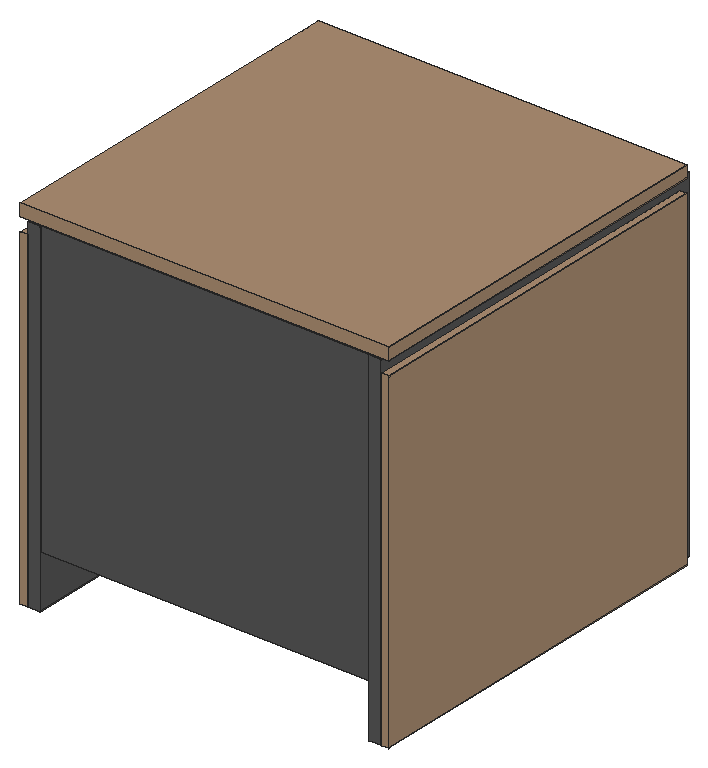
Revit family "Sanitary_Compound-Units_hansgrohe_54249XXX-Xilesa-E-Vanity-unit_480-470_1-drawer_handrise-basin", category Furniture, host Face, Revit 2022
Family settings
  Host = Face
  OmniClass Number = 23.21.19.15.33.13
  OmniClass Title = Residential Bathroom Specialty Casework
  Cut with Voids When Loaded = No
  Render Appearance Source = Family Geometry
  Shared = No
  Room Calculation Point = No
Parameters (values of type "550 Cashmere Oak")
  Version = 1  # constant formula
  URL = "https://www.hansgrohe.com/"
  Product data url = "https://www.bimobject.com/en/hansgrohe/product/54249XXX"
  Product Page URL = "https://www.hansgrohe.com/articledetail--54249550"
  Model = "54249XXX"  # constant formula
  Material 3 = Hansgrohe - Metal - Black
  Material 2 = Hansgrohe - MDF - Matt Black
  Material 1 = Hansgrohe - MDF - 550 Cashmere Oak
  Manufacturer = "Hansgrohe"  # constant formula
  Height = 0 mm
  Description = "Xilesa E Vanity unit 480/470 with 1 drawer for handrinse basin"  # constant formula
  Default Elevation = 0 mm
  Date Updated = ""
  Date Created = "2024/02/03"  # constant formula
Types (5, lengths in mm): name | Material 1
  (no name) | Hansgrohe - MDF - 550 Cashmere Oak
  550 Cashmere Oak | Hansgrohe - MDF - 550 Cashmere Oak
  700 Matt White | Hansgrohe - MDF - 700 Matt White
  760 Slate Matt Grey | Hansgrohe - MDF - 760 Slate Matt Grey
  780 Sand Matt Beige | Hansgrohe - MDF - 780 Sand Matt Beige
Reference planes
  plane 1 "Center (Front/Back)": y = 0
  plane 2: z = 0
  plane 3 "Center (Left/Right)": x = 0
  plane 4: x = -240
  plane 5: x = 240
  plane 6: y = -500
  plane 7: z = 468
Dimensions and locks
  aligned and locked: plane 2 to host face
  aligned and locked: level to host face
Nested families
  nested 1: "54249XXX" at (0, -500, 0) x (1, 0, 0) z (0, 1, 0), Material 1 <- "Material 1", Material 2 <- "Material 2", Material 3 <- "Material 3", type "54249XXX"
    with Material 3 Hansgrohe - Metal - Black, Material 2 Hansgrohe - MDF - Matt Black, Material 1 Hansgrohe - MDF - 550 Cashmere Oak
Definition of nested family "54249XXX"
  Parameters (values of type "54249XXX")
    Version = 1  # constant formula
    URL = "https://www.hansgrohe.com/"
    Product data url = "https://www.bimobject.com/en/hansgrohe/product/54249XXX"
    Product Page URL = "https://www.hansgrohe.com/articledetail--54249550"
    Model = "54249XXX"  # constant formula
    Material 3 [instance] = none
    Material 2 [instance] = none
    Material 1 [instance] = none
    Manufacturer = "Hansgrohe"  # constant formula
    Description = "Xilesa E Vanity unit 480/470 with 1 drawer for handrinse basin"  # constant formula
    Default Elevation = 1219.2 mm
    Date Updated = ""
    Date Created = "2024/12/16"  # constant formula
  Reference planes
    plane 1 "Center (Front/Back)": y = 0
    plane 2: z = 0
    plane 3 "Center (Left/Right)": x = 0
  Forms (mm)
    Extrusion 1, solid, material <- "Material 1", detail levels medium+fine
      sketch origin (0, 0, 0) x (1, 0, 0) y (0, 1, 0)
        loop
          line (-230.6, 0) -> (-239.2, 0)
          arc (-239.2, 0) -> (-239.766, -0.234) -> (-240, -0.8) r 0.8
          line (-240, -0.8) -> (-240, -433.9)
          arc (-240, -433.9) -> (-239.766, -434.466) -> (-239.2, -434.7) r 0.8
          line (-239.2, -434.7) -> (-230.6, -434.7)
          arc (-230.6, -434.7) -> (-230.034, -434.466) -> (-229.8, -433.9) r 0.8
          line (-229.8, -433.9) -> (-229.8, -0.8)
          arc (-229.8, -0.8) -> (-230.034, -0.234) -> (-230.6, 0) r 0.8
        loop
          arc (230.6, 0) -> (230.034, -0.234) -> (229.8, -0.8) r 0.8
          line (229.8, -0.8) -> (229.8, -433.9)
          arc (229.8, -433.9) -> (230.034, -434.466) -> (230.6, -434.7) r 0.8
          line (230.6, -434.7) -> (239.2, -434.7)
          arc (239.2, -434.7) -> (239.766, -434.466) -> (240, -433.9) r 0.8
          line (240, -433.9) -> (240, -0.8)
          arc (240, -0.8) -> (239.766, -0.234) -> (239.2, 0) r 0.8
          line (239.2, 0) -> (230.6, 0)
      from 0 to 485
    Extrusion 2, solid, material <- "Material 1", detail levels medium+fine
      sketch origin (0, -90, 0) x (1, 0, 0) y (0, 1, 0)
        loop
          line (-239.2, -378) -> (239.2, -378)
          arc (239.2, -378) -> (239.766, -377.766) -> (240, -377.2) r 0.8
          line (240, -377.2) -> (240, -362.5)
          arc (240, -362.5) -> (239.766, -361.934) -> (239.2, -361.7) r 0.8
          line (239.2, -361.7) -> (-239.2, -361.7)
          arc (-239.2, -361.7) -> (-239.766, -361.934) -> (-240, -362.5) r 0.8
          line (-240, -362.5) -> (-240, -377.2)
          arc (-240, -377.2) -> (-239.766, -377.766) -> (-239.2, -378) r 0.8
      from 0 to 485
    Extrusion 3, solid, material <- "Material 2", detail levels medium+fine
      sketch origin (0, 0, 0) x (1, 0, 0) y (0, 1, 0)
        loop
          line (-229.8, -0.8) -> (-229.8, -448.9)
          arc (-229.8, -448.9) -> (-229.566, -449.466) -> (-229, -449.7) r 0.8
          line (-229, -449.7) -> (-214.6, -449.7)
          arc (-214.6, -449.7) -> (-214.034, -449.466) -> (-213.8, -448.9) r 0.8
          line (-213.8, -448.9) -> (-213.8, -0.8)
          arc (-213.8, -0.8) -> (-214.034, -0.234) -> (-214.6, 0) r 0.8
          line (-214.6, 0) -> (-229, 0)
          arc (-229, 0) -> (-229.566, -0.234) -> (-229.8, -0.8) r 0.8
        loop
          arc (229.8, -0.8) -> (229.566, -0.234) -> (229, 0) r 0.8
          line (229, 0) -> (214.6, 0)
          arc (214.6, 0) -> (214.034, -0.234) -> (213.8, -0.8) r 0.8
          line (213.8, -0.8) -> (213.8, -448.9)
          arc (213.8, -448.9) -> (214.034, -449.466) -> (214.6, -449.7) r 0.8
          line (214.6, -449.7) -> (229, -449.7)
          arc (229, -449.7) -> (229.566, -449.466) -> (229.8, -448.9) r 0.8
          line (229.8, -448.9) -> (229.8, -0.8)
      from 0 to 500
    Extrusion 4, solid, material <- "Material 2", detail levels fine
      sketch origin (0, 0, 0) x (1, 0, 0) y (0, 1, 0)
        loop
          line (-213.8, -69.7) -> (-213.8, -85.7) -> (213.8, -85.7) -> (213.8, -69.7) -> (-213.8, -69.7)
      from 17 to 125
    Extrusion 5, solid, material <- "Material 2", detail levels fine
      sketch origin (0, 0, 0) x (1, 0, 0) y (0, 1, 0)
        loop
          line (-213.8, -69.2) -> (-213.8, -449.7) -> (213.8, -449.7) -> (213.8, -69.2) -> (-213.8, -69.2)
      from 1 to 17
    Extrusion 6, solid, material <- "Material 2", detail levels fine
      sketch origin (0, -90, 0) x (1, 0, 0) y (0, 1, 0)
        loop
          line (-212.3, -356.9) -> (-212.3, -329.2) -> (-213.8, -329.2) -> (-213.8, -356.9)
          arc (-213.8, -356.9) -> (-213.126, -358.527) -> (-211.5, -359.2) r 2.3
          line (-211.5, -359.2) -> (211.5, -359.2)
          arc (211.5, -359.2) -> (213.126, -358.527) -> (213.8, -356.9) r 2.3
          line (213.8, -356.9) -> (213.8, -329.2) -> (212.3, -329.2) -> (212.3, -356.9)
          arc (212.3, -356.9) -> (212.066, -357.466) -> (211.5, -357.7) r 0.8
          line (211.5, -357.7) -> (-211.5, -357.7)
          arc (-211.5, -357.7) -> (-212.066, -357.466) -> (-212.3, -356.9) r 0.8
      from 449.5 to 499.5
    Extrusion 7, solid, material <- "Material 2", detail levels fine
      sketch origin (0, 0, 1) x (1, 0, 0) y (0, 0, 1)
        loop
          line (-172.898, 33.98) -> (172.898, 33.98) -> (172.898, 48.98) -> (-172.898, 48.98) -> (-172.898, 33.98)
      from 109.4 to 451.7
    Extrusion 8, solid, material <- "Material 3", detail levels fine
      sketch origin (0, 0, 1) x (1, 0, 0) y (0, 0, 1)
        loop
          line (198.3, 213.03) -> (198.3, 231.03) -> (183.3, 231.03) -> (183.3, 224.03) -> (192.95, 224.03) -> (192.95, 213.03) -> (198.3, 213.03)
      from 88.7 to 362.7
    Extrusion 9, solid, material <- "Material 3", detail levels fine
      sketch origin (0, 0, 1) x (1, 0, 0) y (0, 0, 1)
        loop
          line (200.05, 211.28) -> (200.05, 232.78) -> (181.55, 232.78) -> (181.55, 211.28) -> (200.05, 211.28)
      from 451.7 to 362.7
    Extrusion 10, solid, material <- "Material 3", detail levels fine
      sketch origin (0, 0, 1) x (1, 0, 0) y (0, 0, 1)
        loop
          line (-192.5, 223.8) -> (-192.5, 113.608) -> (-198.2, 97.947) -> (-198.2, 48) -> (-169.9, 48) -> (-169.9, 223.8) -> (-192.5, 223.8)
        loop
          line (192.5, 223.8) -> (169.9, 223.8) -> (169.9, 48) -> (198.2, 48) -> (198.2, 97.947) -> (192.5, 113.608) -> (192.5, 223.8)
      from 91.9 to 109.4
    Extrusion 11, void
      sketch origin (0, 0, 1) x (1, 0, 0) y (0, 0, 1)
        loop
          line (-191.5, 222.8) -> (-191.5, 113.431) -> (-197.2, 97.771) -> (-197.2, 49) -> (-170.9, 49) -> (-170.9, 222.8) -> (-191.5, 222.8)
        loop
          line (191.5, 222.8) -> (170.9, 222.8) -> (170.9, 49) -> (197.2, 49) -> (197.2, 97.771) -> (191.5, 113.431) -> (191.5, 222.8)
      from 91.9 to 108.7
    Extrusion 12, solid, material <- "Material 2", detail levels fine
      sketch origin (0, 0, 1) x (0, 1, 0) y (0, 0, 1)
        loop
          line (-92.7, 34.48) -> (-92.7, 113.5)
          arc (-92.7, 113.5) -> (-92.847, 113.854) -> (-93.2, 114) r 0.5
          line (-93.2, 114) -> (-108.2, 114)
          arc (-108.2, 114) -> (-108.554, 113.854) -> (-108.7, 113.5) r 0.5
          line (-108.7, 113.5) -> (-108.7, 34.48)
          arc (-108.7, 34.48) -> (-108.554, 34.126) -> (-108.2, 33.98) r 0.5
          line (-108.2, 33.98) -> (-93.2, 33.98)
          arc (-93.2, 33.98) -> (-92.847, 34.126) -> (-92.7, 34.48) r 0.5
      from -170 to 170
    Extrusion 13, solid, material <- "Material 3", detail levels fine
      sketch origin (0, 0, 1) x (-1, 0, 0) y (0, 0, -1)
        loop
          line (198.3, -213.03) -> (192.95, -213.03) -> (192.95, -224.03) -> (183.3, -224.03) -> (183.3, -231.03) -> (198.3, -231.03) -> (198.3, -213.03)
      from 88.7 to 362.7
    Extrusion 14, solid, material <- "Material 3", detail levels fine
      sketch origin (0, 0, 1) x (-1, 0, 0) y (0, 0, -1)
        loop
          line (200.05, -211.28) -> (181.55, -211.28) -> (181.55, -232.78) -> (200.05, -232.78) -> (200.05, -211.28)
      from 451.7 to 362.7
    Extrusion 15, solid, material <- "Material 1", detail levels coarse
      sketch origin (0, 0, 0) x (1, 0, 0) y (0, 1, 0)
        loop
          line (-240, -468) -> (240, -468) -> (240, 0) -> (213.8, 0) -> (213.8, -451.7) -> (-213.8, -451.7) -> (-213.8, 0) -> (-240, 0) -> (-240, -468)
      from 0 to 500
    Extrusion 16, solid, material <- "Material 3", detail levels fine
      sketch origin (0, 0, 1) x (1, 0, 0) y (0, 0, 1)
        loop
          line (202.091, 33.98) -> (202.091, 115.48) -> (183.591, 115.48) -> (182.786, 100.114) -> (180.22, 99.98) -> (177.791, 53.623)
          arc (177.791, 53.623) -> (176.271, 50.325) -> (172.898, 48.98) r 4.9
          line (172.898, 48.98) -> (172.898, 33.98) -> (202.091, 33.98)
        loop
          line (-202.091, 33.98) -> (-172.898, 33.98) -> (-172.898, 48.98)
          arc (-172.898, 48.98) -> (-176.271, 50.325) -> (-177.791, 53.623) r 4.9
          line (-177.791, 53.623) -> (-180.22, 99.98) -> (-182.786, 100.114) -> (-183.591, 115.48) -> (-202.091, 115.48) -> (-202.091, 33.98)
      from 109.4 to 451.7
  Cuts and joins
    Extrusion 11 cuts Extrusion 10
  Lines and regions (mm)
    Masking region 1
      outline origin (0, 0, 0) x (1, 0, 0) y (0, 1, 0)
        loop
          line (-240, -0.8) -> (-240, -433.9)
          arc (-240, -433.9) -> (-239.766, -434.466) -> (-239.2, -434.7) r 0.8
          line (-239.2, -434.7) -> (-230.6, -434.7)
          arc (-230.6, -434.7) -> (-230.034, -434.466) -> (-229.8, -433.9) r 0.8
          line (-229.8, -433.9) -> (-229.8, -451.7) -> (-239.2, -451.7)
          arc (-239.2, -451.7) -> (-239.766, -451.934) -> (-240, -452.5) r 0.8
          line (-240, -452.5) -> (-240, -467.2)
          arc (-240, -467.2) -> (-239.766, -467.766) -> (-239.2, -468) r 0.8
          line (-239.2, -468) -> (0, -468) -> (239.2, -468)
          arc (239.2, -468) -> (239.766, -467.766) -> (240, -467.2) r 0.8
          line (240, -467.2) -> (240, -452.5)
          arc (240, -452.5) -> (239.766, -451.934) -> (239.2, -451.7) r 0.8
          line (239.2, -451.7) -> (229.8, -451.7) -> (229.8, -433.9)
          arc (229.8, -433.9) -> (230.034, -434.466) -> (230.6, -434.7) r 0.8
          line (230.6, -434.7) -> (239.2, -434.7)
          arc (239.2, -434.7) -> (239.766, -434.466) -> (240, -433.9) r 0.8
          line (240, -433.9) -> (240, -0.8)
          arc (240, -0.8) -> (239.766, -0.234) -> (239.2, 0) r 0.8
          line (239.2, 0) -> (230.6, 0)
          arc (230.6, 0) -> (230.034, -0.234) -> (229.8, -0.8) r 0.8
          arc (229.8, -0.8) -> (229.566, -0.234) -> (229, 0) r 0.8
          line (229, 0) -> (214.6, 0)
          arc (214.6, 0) -> (214.034, -0.234) -> (213.8, -0.8) r 0.8
          line (213.8, -0.8) -> (213.8, -69.2) -> (0, -69.2) -> (-213.8, -69.2) -> (-213.8, -0.8)
          arc (-213.8, -0.8) -> (-214.034, -0.234) -> (-214.6, 0) r 0.8
          line (-214.6, 0) -> (-229, 0)
          arc (-229, 0) -> (-229.566, -0.234) -> (-229.8, -0.8) r 0.8
          arc (-229.8, -0.8) -> (-230.034, -0.234) -> (-230.6, 0) r 0.8
          line (-230.6, 0) -> (-239.2, 0)
          arc (-239.2, 0) -> (-239.766, -0.234) -> (-240, -0.8) r 0.8
    Masking region 2
      outline origin (0, 0, 0) x (0, 1, 0) y (0, 0, 1)
        loop
          line (-449.7, 500) -> (-449.7, 233.78) -> (-451.7, 233.78) -> (-451.7, 485) -> (-468, 485) -> (-468, 0) -> (-451.7, 0) -> (-451.7, 34.98) -> (-449.7, 34.98) -> (-449.7, 0) -> (0, 0) -> (0, 500) -> (-449.7, 500)
    Masking region 3
      outline origin (0, 0, 0) x (1, 0, 0) y (0, 0, 1)
        loop
          line (-240, 485) -> (-240, 0) -> (0, 0) -> (240, 0) -> (240, 485) -> (229.8, 485) -> (229.8, 500) -> (0, 500) -> (-229.8, 500) -> (-229.8, 485) -> (-240, 485)
    symbolic lines, detail levels medium+fine
      curve 1: line (-229.8, -451.7, 0) -> (0, -451.7, 0)
      curve 2: line (-213.8, -69.2, 0) -> (-213.8, -451.7, 0)
      curve 3: line (-229.8, -0.8, 0) -> (-229.8, -433.9, 0)
      curve 4: line (-213.8, -85.7, 0) -> (0, -85.7, 0)
      curve 25: line (229.8, -451.7, 0) -> (0, -451.7, 0)
      curve 26: line (213.8, -69.2, 0) -> (213.8, -451.7, 0)
      curve 27: line (229.8, -0.8, 0) -> (229.8, -433.9, 0)
      curve 28: line (213.8, -73.428, 0) -> (0, -73.428, 0)
      curve 49: line (0, -451.7, 34.98) -> (0, -451.7, 233.78)
      curve 50: line (0, -449.7, 233.78) -> (0, -449.7, 34.98)
      curve 53: line (0, -451.7, 212.28) -> (0, -449.7, 212.28)
      curve 54: line (0, -451.7, 116.48) -> (0, -449.7, 116.48)
      curve 55: line (-229.8, 0, 485) -> (229.8, 0, 485)
      curve 56: line (-213.8, 0, 500) -> (-213.8, 0, 485)
      curve 57: line (213.8, 0, 500) -> (213.8, 0, 485)
    symbolic lines, detail levels fine
      curve 5: line (-202.091, -85.7, 0) -> (-202.091, -447.7, 0)
      curve 6: line (-180.22, -85.7, 0) -> (-180.22, -91.9, 0)
      curve 7: line (0, -91.9, 0) -> (-183.3, -91.9, 0)
      curve 8: line (-183.3, -109.4, 0) -> (0, -109.4, 0)
      curve 9: line (-198.3, -88.7, 0) -> (-198.3, -361.7, 0)
      curve 10: line (-183.3, -88.7, 0) -> (-198.3, -88.7, 0)
      curve 11: line (-200.05, -361.7, 0) -> (-200.05, -447.7, 0)
      curve 12: line (-200.05, -361.7, 0) -> (-181.55, -361.7, 0)
      curve 13: line (-181.55, -361.7, 0) -> (-181.55, -447.7, 0)
      curve 14: line (0, -447.7, 0) -> (-211.5, -447.7, 0)
      curve 15: arc (-211.5, -447.7, 0) -> (-212.066, -447.466, 0) -> (-212.3, -446.9, 0) r 0.8
      curve 16: line (-212.3, -446.9, 0) -> (-212.3, -419.2, 0)
      curve 17: line (-212.3, -419.2, 0) -> (-213.8, -419.2, 0)
      curve 18: arc (-213.8, -446.9, 0) -> (-213.126, -448.527, 0) -> (-211.5, -449.2, 0) r 2.3
      curve 19: line (-211.5, -449.2, 0) -> (0, -449.2, 0)
      curve 20: line (-202.091, -449.2, 0) -> (-202.091, -451.7, 0)
      curve 21: line (-200.05, -449.2, 0) -> (-200.05, -451.7, 0)
      curve 22: line (-183.3, -361.7, 0) -> (-183.3, -88.7, 0)
      curve 23: line (-181.55, -449.2, 0) -> (-181.55, -451.7, 0)
      curve 24: line (-180.22, -449.2, 0) -> (-180.22, -451.7, 0)
      curve 29: line (202.091, -73.428, 0) -> (202.091, -447.7, 0)
      curve 30: line (180.22, -73.428, 0) -> (180.22, -91.9, 0)
      curve 31: line (0, -91.9, 0) -> (183.3, -91.9, 0)
      curve 32: line (183.3, -109.4, 0) -> (0, -109.4, 0)
      curve 33: line (198.3, -88.7, 0) -> (198.3, -361.7, 0)
      curve 34: line (183.3, -88.7, 0) -> (198.3, -88.7, 0)
      curve 35: line (200.05, -361.7, 0) -> (200.05, -447.7, 0)
      curve 36: line (200.05, -361.7, 0) -> (181.55, -361.7, 0)
      curve 37: line (181.55, -361.7, 0) -> (181.55, -447.7, 0)
      curve 38: line (0, -447.7, 0) -> (211.5, -447.7, 0)
      curve 39: arc (211.5, -447.7, 0) -> (212.066, -447.466, 0) -> (212.3, -446.9, 0) r 0.8
      curve 40: line (212.3, -446.9, 0) -> (212.3, -419.2, 0)
      curve 41: line (212.3, -419.2, 0) -> (213.8, -419.2, 0)
      curve 42: arc (213.8, -446.9, 0) -> (213.126, -448.527, 0) -> (211.5, -449.2, 0) r 2.3
      curve 43: line (211.5, -449.2, 0) -> (0, -449.2, 0)
      curve 44: line (202.091, -449.2, 0) -> (202.091, -451.7, 0)
      curve 45: line (200.05, -449.2, 0) -> (200.05, -451.7, 0)
      curve 46: line (183.3, -361.7, 0) -> (183.3, -88.7, 0)
      curve 47: line (181.55, -449.2, 0) -> (181.55, -451.7, 0)
      curve 48: line (180.22, -449.2, 0) -> (180.22, -451.7, 0)
      curve 51: line (0, 0, 485) -> (0, -434.7, 485)
      curve 52: line (0, -434.7, 485) -> (0, -434.7, 0)
      curve 58: line (-180.22, -109.4, 0) -> (-180.22, -447.7, 0)
      curve 59: line (180.22, -109.4, 0) -> (180.22, -447.7, 0)
  Dimensions and locks
    aligned and locked: level to plane 2
